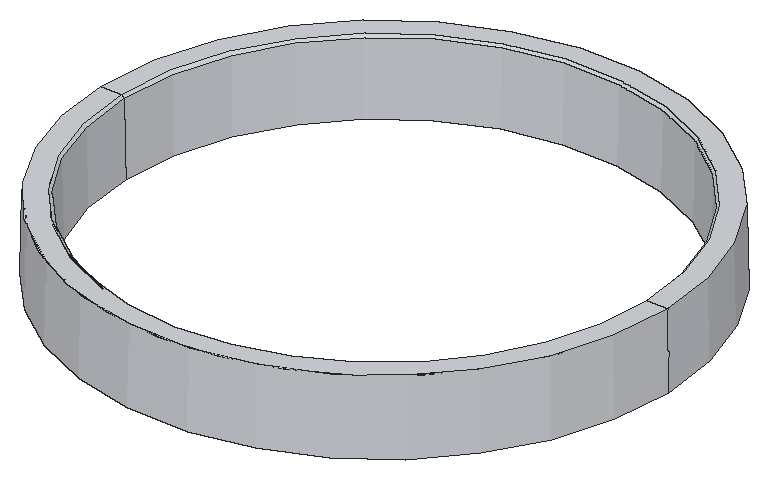
Revit family "Кольцо 2000х290 без замка КС 20.3", category Обобщенные модели, Revit 2023
Family settings
  Может служить основой для арматурных стержней = Нет
  Размер круглого соединителя = Использовать диаметр
  Тип детали = Нормальный
  На основе рабочей плоскости = Нет
  Всегда вертикально = Да
  При загрузке вырезать с полостями = Нет
  Сохранять ориентацию аннотаций = Нет
  Общий = Нет
  Точка принадлежности помещению = Нет
Parameters (values of type "Кольцо 2000х290 без замка КС 20.3")
  фаска = 10 mm
  толщ_на_h2_расч = (t1 - t2) / 2 * (h1 + h2) / ADSK_Размер_Высота + 10 mm  # 21.638 mm
  толщ_на_h1_расч = (t1 - t2) / 2 * h1 / ADSK_Размер_Высота + 10 mm  # 16.379 mm
  сужение_низ = 5 mm
  вырез2 = no
  вырез1 = no
  Отметка по умолчанию = 0 mm
  t2 = 90 mm
  t1 = 100 mm
  h2 = 305 mm
  h1 = 370 mm
  ADSK_Размер_Диаметр = 2020 mm
  ADSK_Размер_Высота = 290 mm
  ADSK_Масса = 466
Reference planes
  plane 1 "По центру (Вперед/Назад)": y = 0
  plane 2: z = 0
  plane 3 "По центру (Влево/Вправо)": x = 0
  plane 4: x = 1010
  plane 5: x = -1010
  plane 6: y = 1010
  plane 7: y = -1010
  plane 8: z = 290
  plane 9: x = -1105
  plane 10: x = 1105
  plane 11: y = 1105
  plane 12: y = -1105
  plane 13: y = 1100
  plane 14: y = -1100
  plane 15: x = -1100
  plane 16: x = 1100
  plane 17: z = 370
  plane 18: z = 675
  plane 19: y = 1005
  plane 20: y = -1005
  plane 21: x = -1005
  plane 22: x = 1005
  plane 23: x = -1083.362
  plane 24: x = -1088.621
  plane 25: x = 1083.362
  plane 26: x = 1088.621
  plane 27: x = -1020
  plane 28: z = 280
Forms (mm)
  Revolve 1, solid
    sketch origin (0, 0, 0) x (1, 0, 0) y (0, 0, 1)
      loop
        line (-1105, 0) -> (-1005, 0) -> (-1010, 280) -> (-1020, 290) -> (-1100, 290) -> (-1105, 0)
      axis (0, 290) -> (0, 0)
    angle from 0 to 360
Dimensions and locks
  equal spacing: plane 5, plane 3 "По центру (Влево/Вправо)", plane 4
  equal spacing: plane 7, plane 1 "По центру (Вперед/Назад)", plane 6
  "ADSK_Размер_Диаметр": plane 5 to plane 4
  "ADSK_Размер_Диаметр": plane 7 to plane 6
  "t1": plane 9 to plane 21
  "t1": plane 22 to plane 10
  "t2": plane 6 to plane 13
  "t2": plane 14 to plane 7
  "t2": plane 15 to plane 5
  "t2": plane 4 to plane 16
  "h1": plane 17 to level
  "h2": plane 18 to plane 17
  "ADSK_Размер_Высота": plane 8 to level
  "сужение_низ": plane 5 to plane 21
  "сужение_низ": plane 22 to plane 4
  "сужение_низ": plane 19 to plane 6
  "сужение_низ": plane 7 to plane 20
  "t1": plane 12 to plane 20
  "t1": plane 19 to plane 11
  "толщ_на_h2_расч": plane 23 to plane 9
  "толщ_на_h1_расч": plane 24 to plane 9
  "толщ_на_h2_расч": plane 10 to plane 25
  "толщ_на_h1_расч": plane 10 to plane 26
  "фаска": plane 8 to plane 28
  "фаска": plane 5 to plane 27
  aligned and locked: level to plane 2
Automatic sketch dimensions
  Revolve 1 sketch curve to level = 0 mm
  Revolve 1 sketch curve to plane 9 = 0 mm
  Revolve 1 sketch curve to plane 8 = 0 mm
  Revolve 1 sketch curve to plane 15 = 0 mm
  Revolve 1 sketch curve to plane 27 = 0 mm
  Revolve 1 sketch curve to plane 5 = 0 mm
  Revolve 1 sketch curve to plane 21 = 0 mm
  Revolve 1 sketch curve to plane 28 = 0 mm
